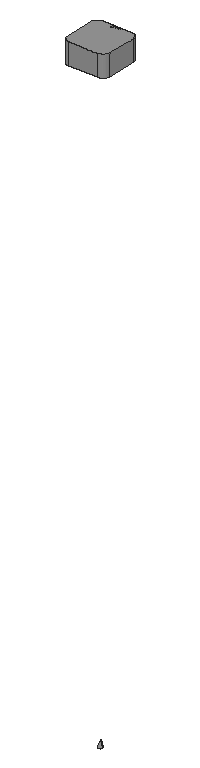
Revit family "ElectricalFixtures_WiringAccessories_Hager_Sollysta_ShowerSwitches", category Lighting Fixtures, host Ceiling, Revit 2015
Parameters (values of type "WMCS50N")
  Voltage (Volts) = "230V/240V"
  Unique Reference = "WMCS50N"
  URL = "http://www.hager.co.uk/"
  Type = "ElectricalFixture"
  Technical Description = Description  # "50ADPCeilingSwitchWithLEDIndicator"
  Supply Phase = "1"
  Shipping Weight kg = ""
  Shape = "Circular"
  Reference Standard = "BS 1363-2"
  Product URL = "http://www.hager.co.uk/product-catalogue/wiring-accessories/sollysta/white-moulded/white-moulded-ceiling-switches/58358.htm"
  Product Range = "WhiteMouldedCeilingSwitches_FanIsolatorSwitches"
  Product Model Number = "WMCS50N"
  Product Literature = "http://www.hager.co.uk/product-catalogue/wiring-accessories/sollysta/38662.htm"
  Product Group = "FanIsolatorSwitches"
  Product Family = "WhiteMouldedCeilingSwitches"
  Packaging Recyclable = yes
  Overall Width = 100.0 mm
  Overall Height = 0.0 mm
  Overall Depth = 50.0 mm
  Name = "WhiteMouldedCeilingSwitches_ShowerSwitches_WMCS50N"
  Model = ""
  Measurement Units = "mm"
  Material = Urea Formaldehyde Thermoset Plastic
  Manufacturer Website = "http://www.hager.co.uk/"
  Manufacturer Country = "UnitedKingdom"
  Manufacturer = "Hager"
  Gross Weight kg = ""
  Frequency = "50/60Hz"
  Finish = "Gloss"
  Features = Description  # "50ADPCeilingSwitchWithLEDIndicator"
  Expected Life = "25"
  EAN Code = "5015652260233"
  Design Country = "China"
  Description = "50ADPCeilingSwitchWithLEDIndicator"
  Cord Length from Ceiling [instance] = 1500.0 mm
  Colour = "SollystaWhite"
  CE Approval = yes
Reference planes
  plane 1 "Center (Front/Back)": y = 0
  plane 2 "Ceiling": z = 2438.4
  plane 3 "Center (Left/Right)": x = 0
  plane 4: z = 2388.4
  plane 5: x = -50
  plane 6: x = 50
  plane 7: z = 2403.4
  plane 8: x = 40
  plane 9: x = -40
  plane 10: x = -30
  plane 11: x = 30
  plane 12: z = 953.4
  plane 13: z = 938.4
  plane 14: x = -5
  plane 15: x = 5
  plane 16: y = -50
  plane 17: y = 50
  plane 18: y = 30
  plane 19: y = -30
  plane 20: z = 2423.4
Forms (mm)
  Revolve 1, solid, material "Urea Formaldehyde Thermoset Plastic", detail levels fine
    sketch origin (0, 0, 0) x (1, 0, 0) y (0, 0, 1)
      loop
        line (0, 938.4) -> (5, 938.4) -> (0, 953.4) -> (0, 938.4)
      axis (0, 938.4) -> (0, 953.4)
    angle from 0 to 360
  Extrusion 2, solid, material "Urea Formaldehyde Thermoset Plastic" <- "Material", detail levels medium+fine
    sketch origin (0, 0, 2438.4) x (1, 0, 0) y (0, 1, 0)
      loop
        line (-35, -50) -> (35, -50)
        arc (35, -50) -> (45.607, -45.607) -> (50, -35) r 15
        line (50, -35) -> (50, 35)
        arc (50, 35) -> (45.607, 45.607) -> (35, 50) r 15
        line (35, 50) -> (-35, 50)
        arc (-35, 50) -> (-45.607, 45.607) -> (-50, 35) r 15
        line (-50, 35) -> (-50, -35)
        arc (-50, -35) -> (-45.607, -45.607) -> (-35, -50) r 15
      loop
        line (-10, 48.875) -> (-10, 43.66) -> (10, 43.66) -> (10, 48.875) -> (-10, 48.875)
    from -50 to 0
  Revolve 3, void
    sketch origin (0, 0, 0) x (1, 0, 0) y (0, 0, 1)
      loop
        line (0, 2423.4) -> (0, 2388.4) -> (43.507, 2388.4)
        arc (43.507, 2388.4) -> (38.824, 2408.206) -> (25.285, 2423.4) r 41.478
        line (25.285, 2423.4) -> (0, 2423.4)
      axis (0, 2388.4) -> (0, 2423.4)
    angle from 0 to 360
  Extrusion 4, solid, material "LED Indicator"
    sketch origin (0, 0, 2438.4) x (1, 0, 0) y (0, 1, 0)
      loop
        line (-10, 43.66) -> (10, 43.66) -> (10, 48.875) -> (-10, 48.875) -> (-10, 43.66)
    from -50 to -15
Cuts and joins
  Revolve 3 cuts Extrusion 2
Lines and regions (mm)
  model lines, detail levels fine
    curve 1: line (0, 0, 2438.4) -> (0, 0, 953.4)
  model lines
    curve 2: line (-50, 35, 2438.4) -> (-50, -35, 2438.4)
    curve 3: arc (-35, 50, 2438.4) -> (-45.607, 45.607, 2438.4) -> (-50, 35, 2438.4) r 15
    curve 4: line (35, 50, 2438.4) -> (-35, 50, 2438.4)
    curve 5: arc (50, 35, 2438.4) -> (45.607, 45.607, 2438.4) -> (35, 50, 2438.4) r 15
    curve 6: line (50, -35, 2438.4) -> (50, 35, 2438.4)
    curve 7: arc (35, -50, 2438.4) -> (45.607, -45.607, 2438.4) -> (50, -35, 2438.4) r 15
    curve 8: line (-35, -50, 2438.4) -> (35, -50, 2438.4)
    curve 9: arc (-50, -35, 2438.4) -> (-45.607, -45.607, 2438.4) -> (-35, -50, 2438.4) r 15
    curve 10: arc (-43.507, 0, 2438.4) -> (0, -43.507, 2438.4) -> (43.507, 0, 2438.4) r 43.507
    curve 11: arc (43.507, 0, 2438.4) -> (0, 43.507, 2438.4) -> (-43.507, 0, 2438.4) r 43.507
    curve 12: arc (25.285, 0, 2438.4) -> (0, 25.285, 2438.4) -> (-25.285, 0, 2438.4) r 25.285
    curve 13: arc (-25.285, 0, 2438.4) -> (0, -25.285, 2438.4) -> (25.285, 0, 2438.4) r 25.285
  symbolic lines
    curve 14: circle (-20.231, 0, 0) r 5.863 normal (0, 0, 1)
    curve 15: line (-16.392, 4.431, 0) -> (9.688, 30.511, 0)
    curve 16: line (9.688, 30.511, 0) -> (18.212, 20.353, 0)
    curve 17: line (9.688, 30.511, 0) -> (9.688, 13.201, 0)
    curve 18: line (9.688, 13.201, 0) -> (6.407, 18.884, 0)
    curve 19: line (9.688, 13.201, 0) -> (12.969, 18.884, 0)
  symbolic lines, not visible
    curve 20: circle (-20.231, 0, 0) r 5.863 normal (0, 0, 1)
    curve 21: line (-16.392, 4.431, 0) -> (9.688, 30.511, 0)
    curve 22: line (9.688, 30.511, 0) -> (18.212, 20.353, 0)
    curve 23: line (9.688, 30.511, 0) -> (9.688, 13.201, 0)
    curve 24: line (9.688, 13.201, 0) -> (6.407, 18.884, 0)
    curve 25: line (9.688, 13.201, 0) -> (12.969, 18.884, 0)
Dimensions and locks
  equal spacing: host sketch curve, plane 3 "Center (Left/Right)", host sketch curve
  equal spacing: host sketch curve, plane 1 "Center (Front/Back)", host sketch curve
  host sketch curve to host sketch curve = 3048.0 mm  (x2)
  "Cord Length from Ceiling": plane 2 "Ceiling" to plane 13
  locked: plane 12 to plane 13 at 15
  "Overall Depth": plane 4 to plane 2 "Ceiling"
  "Overall Width": plane 17 to plane 16
  aligned and locked: plane 13 to Revolve 1 sketch curve
  aligned and locked: plane 3 "Center (Left/Right)" to Revolve 1 sketch curve
  aligned and locked: plane 12 to Revolve 1 sketch curve
  aligned and locked: Extrusion 2 sketch curve to plane 16
  aligned and locked: Extrusion 2 sketch curve to plane 5
  aligned and locked: Extrusion 2 sketch curve to plane 17
  aligned and locked: Extrusion 2 sketch curve to plane 6
  aligned and locked: host ceiling to Extrusion 2
  aligned and locked: plane 4 to Revolve 3 sketch curve
  aligned and locked: Revolve 3 sketch curve to plane 3 "Center (Left/Right)"
  aligned and locked: curve 3 to cut or joined group of Extrusion 2, Revolve 3
  aligned and locked: curve 5 to cut or joined group of Extrusion 2, Revolve 3
  aligned and locked: curve 7 to cut or joined group of Extrusion 2, Revolve 3
  aligned and locked: curve 9 to cut or joined group of Extrusion 2, Revolve 3
  aligned and locked: curve 10 to cut or joined group of Extrusion 2, Revolve 3
  aligned and locked: curve 11 to cut or joined group of Extrusion 2, Revolve 3
  aligned and locked: curve 12 to cut or joined group of Extrusion 2, Revolve 3
  aligned and locked: curve 13 to cut or joined group of Extrusion 2, Revolve 3
  aligned and locked: Extrusion 4 sketch curve to cut or joined group of Extrusion 2, Revolve 3  (x2)
  aligned and locked: host ceiling to curve 1
Automatic sketch dimensions
  Revolve 1 sketch curve to plane 3 "Center (Left/Right)" = 0.0 mm
  plane 15 to Revolve 1 sketch curve = 0.0 mm
  Revolve 1 sketch curve to plane 13 = 0.0 mm
  Revolve 1 sketch curve to plane 12 = 0.0 mm
  Revolve 3 sketch curve to plane 3 "Center (Left/Right)" = 0.0 mm
  Revolve 3 sketch curve to plane 20 = 0.0 mm  (x2)
  Revolve 3 sketch curve to plane 4 = 0.0 mm
  Revolve 3 sketch curve to plane 4 = 0.652 mm
  plane 3 "Center (Left/Right)" to Revolve 3 sketch curve = 2.033 mm
  Revolve 3 sketch curve to plane 11 = 4.715 mm
  Extrusion 4 sketch curve to Extrusion 4 sketch curve = 5.215 mm
  Extrusion 4 sketch curve to plane 17 = 6.34 mm
  plane 9 to Extrusion 2 sketch curve = 5.0 mm  (x2)
  Extrusion 2 sketch curve to plane 17 = 1.125 mm
  Extrusion 2 sketch curve to plane 14 = 5.0 mm
  Extrusion 2 sketch curve to plane 15 = 5.0 mm
  Extrusion 2 sketch curve to plane 8 = 5.0 mm  (x2)
  Extrusion 2 sketch curve to Extrusion 2 sketch curve = 5.215 mm
  curve 1 to plane 3 "Center (Left/Right)" = 0.0 mm
  curve 1 to plane 12 = 0.0 mm
Connectors
  electrical at (0, 0, 2438.4)
    settings: on cut or joined group of Extrusion 2, Revolve 3, index 1, voltage 230 V, apparent load 0 VA, apparent load phase1 0 VA, apparent load phase2 0 VA, apparent load phase3 0 VA, power factor 1, load classification "Other", number of poles 1, system type 31, power factor state 1, is connector primary yes, connector utility no, sub classification motor no, connector description ""
